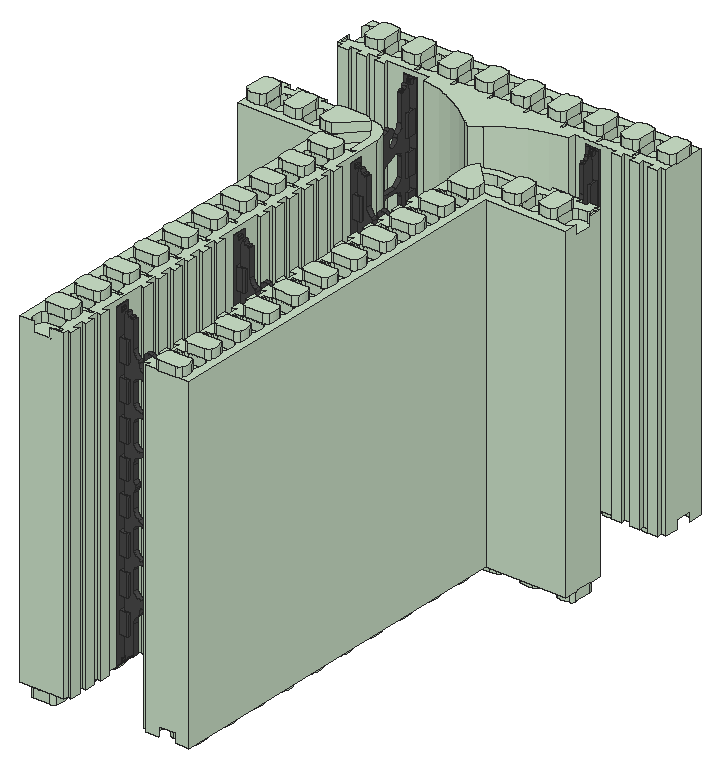
Revit family
Reference planes
  plane 1 "Center (Front/Back)": y = 0
  plane 2: z = 0
  plane 3 "Center (Left/Right)": x = 0
Forms (mm)
  Extrusion 1, solid, material "NUDURA Expanded Polystyrene Foam Insulation"
    sketch origin (0.47, 0.92, 0) x (1, 0, 0) y (0, 1, 0)
      loop
        line (-228.6, 142.875) -> (-228.6, 82.55) -> (-221.458, 82.55) -> (-223.042, 76.2) -> (-208.758, 76.2) -> (-210.342, 82.55) -> (-196.058, 82.55) -> (-197.642, 76.2) -> (-183.358, 76.2) -> (-184.942, 82.55) -> (-170.658, 82.55) -> (-172.242, 76.2) -> (-157.958, 76.2) -> (-159.542, 82.55) -> (-101.6, 82.55) -> (-101.6, 73.025)
        arc (-101.6, 73.025) -> (-53.925, 60.317) -> (-12.933, 32.857) r 150.316
        arc (-12.933, 32.857) -> (-6.81, 27.929) -> (0, 24.005) r 50.8
        arc (0, 24.005) -> (6.81, 27.929) -> (12.933, 32.857) r 50.8
        arc (12.933, 32.857) -> (53.925, 60.317) -> (101.6, 73.025) r 150.316
        line (101.6, 73.025) -> (101.6, 82.55) -> (159.542, 82.55) -> (157.958, 76.2) -> (172.242, 76.2) -> (170.658, 82.55) -> (184.942, 82.55) -> (183.358, 76.2) -> (197.642, 76.2) -> (196.058, 82.55) -> (210.342, 82.55) -> (208.758, 76.2) -> (223.042, 76.2) -> (221.458, 82.55) -> (228.6, 82.55) -> (228.6, 142.875) -> (-228.6, 142.875)
      loop
        line (-57.15, -609.6) -> (-57.15, -602.458) -> (-50.8, -604.042) -> (-50.8, -589.758) -> (-57.15, -591.342) -> (-57.15, -577.058) -> (-50.8, -578.642) -> (-50.8, -564.358) -> (-57.15, -565.942) -> (-57.15, -551.658) -> (-50.8, -553.242) -> (-50.8, -538.958) -> (-57.15, -540.542) -> (-57.15, -475.458) -> (-50.8, -477.042) -> (-50.8, -462.758) -> (-57.15, -464.342) -> (-57.15, -450.058) -> (-50.8, -451.642) -> (-50.8, -437.358) -> (-57.15, -438.942) -> (-57.15, -424.658) -> (-50.8, -426.242) -> (-50.8, -411.958) -> (-57.15, -413.542) -> (-57.15, -399.258) -> (-50.8, -400.842) -> (-50.8, -386.558) -> (-57.15, -388.142) -> (-57.15, -373.858) -> (-50.8, -375.442) -> (-50.8, -361.158) -> (-57.15, -362.742) -> (-57.15, -348.458) -> (-50.8, -350.042) -> (-50.8, -335.758) -> (-57.15, -337.342) -> (-57.15, -272.258) -> (-50.8, -273.842) -> (-50.8, -259.558) -> (-57.15, -261.142) -> (-57.15, -246.858) -> (-50.8, -248.442) -> (-50.8, -234.158) -> (-57.15, -235.742) -> (-57.15, -221.458) -> (-50.8, -223.042) -> (-50.8, -208.758) -> (-57.15, -210.342) -> (-57.15, -196.058) -> (-50.8, -197.642) -> (-50.8, -183.358) -> (-57.15, -184.942) -> (-57.15, -170.658) -> (-50.8, -172.242) -> (-50.8, -157.958) -> (-57.15, -159.542) -> (-57.15, -145.258) -> (-50.8, -146.842) -> (-50.8, -132.558) -> (-57.15, -134.142) -> (-57.15, -63.5)
        arc (-57.15, -63.5) -> (-66.449, -41.049) -> (-88.9, -31.75) r 31.75
        line (-88.9, -31.75) -> (-159.542, -31.75) -> (-157.958, -25.4) -> (-172.242, -25.4) -> (-170.658, -31.75) -> (-184.942, -31.75) -> (-183.358, -25.4) -> (-197.642, -25.4) -> (-196.058, -31.75) -> (-210.342, -31.75) -> (-208.758, -25.4) -> (-223.042, -25.4) -> (-221.458, -31.75) -> (-228.6, -31.75) -> (-228.6, -92.075) -> (-117.475, -92.075) -> (-117.475, -609.6) -> (-57.15, -609.6)
      loop
        line (57.15, -609.6) -> (117.475, -609.6) -> (117.475, -92.075) -> (228.6, -92.075) -> (228.6, -31.75) -> (221.458, -31.75) -> (223.042, -25.4) -> (208.758, -25.4) -> (210.342, -31.75) -> (196.058, -31.75) -> (197.642, -25.4) -> (183.358, -25.4) -> (184.942, -31.75) -> (170.658, -31.75) -> (172.242, -25.4) -> (157.958, -25.4) -> (159.542, -31.75) -> (88.9, -31.75)
        arc (88.9, -31.75) -> (66.449, -41.049) -> (57.15, -63.5) r 31.75
        line (57.15, -63.5) -> (57.15, -134.142) -> (50.8, -132.558) -> (50.8, -146.842) -> (57.15, -145.258) -> (57.15, -159.542) -> (50.8, -157.958) -> (50.8, -172.242) -> (57.15, -170.658) -> (57.15, -184.942) -> (50.8, -183.358) -> (50.8, -197.642) -> (57.15, -196.058) -> (57.15, -210.342) -> (50.8, -208.758) -> (50.8, -223.042) -> (57.15, -221.458) -> (57.15, -235.742) -> (50.8, -234.158) -> (50.8, -248.442) -> (57.15, -246.858) -> (57.15, -261.142) -> (50.8, -259.558) -> (50.8, -273.842) -> (57.15, -272.258) -> (57.15, -337.342) -> (50.8, -335.758) -> (50.8, -350.042) -> (57.15, -348.458) -> (57.15, -362.742) -> (50.8, -361.158) -> (50.8, -375.442) -> (57.15, -373.858) -> (57.15, -388.142) -> (50.8, -386.558) -> (50.8, -400.842) -> (57.15, -399.258) -> (57.15, -413.542) -> (50.8, -411.958) -> (50.8, -426.242) -> (57.15, -424.658) -> (57.15, -438.942) -> (50.8, -437.358) -> (50.8, -451.642) -> (57.15, -450.058) -> (57.15, -464.342) -> (50.8, -462.758) -> (50.8, -477.042) -> (57.15, -475.458) -> (57.15, -540.542) -> (50.8, -538.958) -> (50.8, -553.242) -> (57.15, -551.658) -> (57.15, -565.942) -> (50.8, -564.358) -> (50.8, -578.642) -> (57.15, -577.058) -> (57.15, -591.342) -> (50.8, -589.758) -> (50.8, -604.042) -> (57.15, -602.458) -> (57.15, -609.6)
    from 0 to 457.2
  Extrusion 2, void
    sketch origin (25.87, 102.52, 0) x (1, 0, 0) y (0, 1, 0)
      loop
        arc (-130.453, -639.396) -> (-131.763, -647.7) -> (-130.453, -656.003) r 26.987
        arc (-130.453, -656.003) -> (-128.147, -659.184) -> (-124.411, -660.4) r 6.35
        line (-124.411, -660.4) -> (-101.014, -660.4)
        arc (-101.014, -660.4) -> (-98.696, -659.961) -> (-96.698, -658.708) r 6.35
        arc (-96.698, -658.708) -> (-96.199, -658.394) -> (-95.62, -658.285) r 1.588
        line (-95.62, -658.285) -> (-86.829, -658.285) -> (-86.829, -653.946) -> (-92.457, -653.946)
        arc (-92.457, -653.946) -> (-93.668, -653.385) -> (-94.024, -652.1) r 1.588
        arc (-94.024, -652.1) -> (-93.737, -645.691) -> (-94.972, -639.396) r 26.988
        arc (-94.972, -639.396) -> (-97.278, -636.215) -> (-101.014, -635) r 6.35
        line (-101.014, -635) -> (-124.411, -635)
        arc (-124.411, -635) -> (-128.147, -636.215) -> (-130.453, -639.396) r 6.35
    from 457.2 to 444.5
  Extrusion 3, void
    sketch origin (25.87, 153.32, 0) x (1, 0, 0) y (0, 1, 0)
      loop
        arc (-130.453, -639.396) -> (-131.763, -647.7) -> (-130.453, -656.003) r 26.987
        arc (-130.453, -656.003) -> (-128.147, -659.184) -> (-124.411, -660.4) r 6.35
        line (-124.411, -660.4) -> (-101.014, -660.4)
        arc (-101.014, -660.4) -> (-98.696, -659.961) -> (-96.698, -658.708) r 6.35
        arc (-96.698, -658.708) -> (-96.199, -658.394) -> (-95.62, -658.285) r 1.588
        line (-95.62, -658.285) -> (-86.829, -658.285) -> (-86.829, -653.946) -> (-92.457, -653.946)
        arc (-92.457, -653.946) -> (-93.668, -653.385) -> (-94.024, -652.1) r 1.588
        arc (-94.024, -652.1) -> (-93.737, -645.691) -> (-94.972, -639.396) r 26.988
        arc (-94.972, -639.396) -> (-97.278, -636.215) -> (-101.014, -635) r 6.35
        line (-101.014, -635) -> (-124.411, -635)
        arc (-124.411, -635) -> (-128.147, -636.215) -> (-130.453, -639.396) r 6.35
    from 457.2 to 444.5
  Extrusion 4, void
    sketch origin (25.87, 204.12, 0) x (1, 0, 0) y (0, 1, 0)
      loop
        arc (-130.453, -639.396) -> (-131.763, -647.7) -> (-130.453, -656.003) r 26.987
        arc (-130.453, -656.003) -> (-128.147, -659.184) -> (-124.411, -660.4) r 6.35
        line (-124.411, -660.4) -> (-101.014, -660.4)
        arc (-101.014, -660.4) -> (-98.696, -659.961) -> (-96.698, -658.708) r 6.35
        arc (-96.698, -658.708) -> (-96.199, -658.394) -> (-95.62, -658.285) r 1.588
        line (-95.62, -658.285) -> (-86.829, -658.285) -> (-86.829, -653.946) -> (-92.457, -653.946)
        arc (-92.457, -653.946) -> (-93.668, -653.385) -> (-94.024, -652.1) r 1.588
        arc (-94.024, -652.1) -> (-93.737, -645.691) -> (-94.972, -639.396) r 26.988
        arc (-94.972, -639.396) -> (-97.278, -636.215) -> (-101.014, -635) r 6.35
        line (-101.014, -635) -> (-124.411, -635)
        arc (-124.411, -635) -> (-128.147, -636.215) -> (-130.453, -639.396) r 6.35
    from 457.2 to 444.5
  Extrusion 5, void
    sketch origin (25.87, 254.92, 0) x (1, 0, 0) y (0, 1, 0)
      loop
        arc (-130.453, -639.396) -> (-131.763, -647.7) -> (-130.453, -656.003) r 26.987
        arc (-130.453, -656.003) -> (-128.147, -659.184) -> (-124.411, -660.4) r 6.35
        line (-124.411, -660.4) -> (-101.014, -660.4)
        arc (-101.014, -660.4) -> (-98.696, -659.961) -> (-96.698, -658.708) r 6.35
        arc (-96.698, -658.708) -> (-96.199, -658.394) -> (-95.62, -658.285) r 1.588
        line (-95.62, -658.285) -> (-86.829, -658.285) -> (-86.829, -653.946) -> (-92.457, -653.946)
        arc (-92.457, -653.946) -> (-93.668, -653.385) -> (-94.024, -652.1) r 1.588
        arc (-94.024, -652.1) -> (-93.737, -645.691) -> (-94.972, -639.396) r 26.988
        arc (-94.972, -639.396) -> (-97.278, -636.215) -> (-101.014, -635) r 6.35
        line (-101.014, -635) -> (-124.411, -635)
        arc (-124.411, -635) -> (-128.147, -636.215) -> (-130.453, -639.396) r 6.35
    from 457.2 to 444.5
  Extrusion 6, void
    sketch origin (25.87, 305.72, 0) x (1, 0, 0) y (0, 1, 0)
      loop
        arc (-130.453, -639.396) -> (-131.763, -647.7) -> (-130.453, -656.003) r 26.987
        arc (-130.453, -656.003) -> (-128.147, -659.184) -> (-124.411, -660.4) r 6.35
        line (-124.411, -660.4) -> (-101.014, -660.4)
        arc (-101.014, -660.4) -> (-98.696, -659.961) -> (-96.698, -658.708) r 6.35
        arc (-96.698, -658.708) -> (-96.199, -658.394) -> (-95.62, -658.285) r 1.588
        line (-95.62, -658.285) -> (-86.829, -658.285) -> (-86.829, -653.946) -> (-92.457, -653.946)
        arc (-92.457, -653.946) -> (-93.668, -653.385) -> (-94.024, -652.1) r 1.588
        arc (-94.024, -652.1) -> (-93.737, -645.691) -> (-94.972, -639.396) r 26.988
        arc (-94.972, -639.396) -> (-97.278, -636.215) -> (-101.014, -635) r 6.35
        line (-101.014, -635) -> (-124.411, -635)
        arc (-124.411, -635) -> (-128.147, -636.215) -> (-130.453, -639.396) r 6.35
    from 457.2 to 444.5
  Extrusion 7, void
    sketch origin (25.87, 356.52, 0) x (1, 0, 0) y (0, 1, 0)
      loop
        arc (-130.453, -639.396) -> (-131.763, -647.7) -> (-130.453, -656.003) r 26.987
        arc (-130.453, -656.003) -> (-128.147, -659.184) -> (-124.411, -660.4) r 6.35
        line (-124.411, -660.4) -> (-101.014, -660.4)
        arc (-101.014, -660.4) -> (-98.696, -659.961) -> (-96.698, -658.708) r 6.35
        arc (-96.698, -658.708) -> (-96.199, -658.394) -> (-95.62, -658.285) r 1.588
        line (-95.62, -658.285) -> (-86.829, -658.285) -> (-86.829, -653.946) -> (-92.457, -653.946)
        arc (-92.457, -653.946) -> (-93.668, -653.385) -> (-94.024, -652.1) r 1.588
        arc (-94.024, -652.1) -> (-93.737, -645.691) -> (-94.972, -639.396) r 26.988
        arc (-94.972, -639.396) -> (-97.278, -636.215) -> (-101.014, -635) r 6.35
        line (-101.014, -635) -> (-124.411, -635)
        arc (-124.411, -635) -> (-128.147, -636.215) -> (-130.453, -639.396) r 6.35
    from 457.2 to 444.5
  Extrusion 8, void
    sketch origin (25.87, 407.32, 0) x (1, 0, 0) y (0, 1, 0)
      loop
        arc (-130.453, -639.396) -> (-131.763, -647.7) -> (-130.453, -656.003) r 26.987
        arc (-130.453, -656.003) -> (-128.147, -659.184) -> (-124.411, -660.4) r 6.35
        line (-124.411, -660.4) -> (-101.014, -660.4)
        arc (-101.014, -660.4) -> (-98.696, -659.961) -> (-96.698, -658.708) r 6.35
        arc (-96.698, -658.708) -> (-96.199, -658.394) -> (-95.62, -658.285) r 1.588
        line (-95.62, -658.285) -> (-86.829, -658.285) -> (-86.829, -653.946) -> (-92.457, -653.946)
        arc (-92.457, -653.946) -> (-93.668, -653.385) -> (-94.024, -652.1) r 1.588
        arc (-94.024, -652.1) -> (-93.737, -645.691) -> (-94.972, -639.396) r 26.988
        arc (-94.972, -639.396) -> (-97.278, -636.215) -> (-101.014, -635) r 6.35
        line (-101.014, -635) -> (-124.411, -635)
        arc (-124.411, -635) -> (-128.147, -636.215) -> (-130.453, -639.396) r 6.35
    from 457.2 to 444.5
  Extrusion 9, void
    sketch origin (25.87, 458.12, 0) x (1, 0, 0) y (0, 1, 0)
      loop
        arc (-130.453, -639.396) -> (-131.763, -647.7) -> (-130.453, -656.003) r 26.987
        arc (-130.453, -656.003) -> (-128.147, -659.184) -> (-124.411, -660.4) r 6.35
        line (-124.411, -660.4) -> (-101.014, -660.4)
        arc (-101.014, -660.4) -> (-98.696, -659.961) -> (-96.698, -658.708) r 6.35
        arc (-96.698, -658.708) -> (-96.199, -658.394) -> (-95.62, -658.285) r 1.588
        line (-95.62, -658.285) -> (-86.829, -658.285) -> (-86.829, -653.946) -> (-92.457, -653.946)
        arc (-92.457, -653.946) -> (-93.668, -653.385) -> (-94.024, -652.1) r 1.588
        arc (-94.024, -652.1) -> (-93.737, -645.691) -> (-94.972, -639.396) r 26.988
        arc (-94.972, -639.396) -> (-97.278, -636.215) -> (-101.014, -635) r 6.35
        line (-101.014, -635) -> (-124.411, -635)
        arc (-124.411, -635) -> (-128.147, -636.215) -> (-130.453, -639.396) r 6.35
    from 457.2 to 444.5
  Extrusion 10, void
    sketch origin (25.87, 508.92, 0) x (1, 0, 0) y (0, 1, 0)
      loop
        arc (-130.453, -639.396) -> (-131.763, -647.7) -> (-130.453, -656.003) r 26.987
        arc (-130.453, -656.003) -> (-128.147, -659.184) -> (-124.411, -660.4) r 6.35
        line (-124.411, -660.4) -> (-101.014, -660.4)
        arc (-101.014, -660.4) -> (-98.696, -659.961) -> (-96.698, -658.708) r 6.35
        arc (-96.698, -658.708) -> (-96.199, -658.394) -> (-95.62, -658.285) r 1.588
        line (-95.62, -658.285) -> (-86.829, -658.285) -> (-86.829, -653.946) -> (-92.457, -653.946)
        arc (-92.457, -653.946) -> (-93.668, -653.385) -> (-94.024, -652.1) r 1.588
        arc (-94.024, -652.1) -> (-93.737, -645.691) -> (-94.972, -639.396) r 26.988
        arc (-94.972, -639.396) -> (-97.278, -636.215) -> (-101.014, -635) r 6.35
        line (-101.014, -635) -> (-124.411, -635)
        arc (-124.411, -635) -> (-128.147, -636.215) -> (-130.453, -639.396) r 6.35
    from 457.2 to 444.5
  Extrusion 11, void
    sketch origin (25.87, 51.72, 0) x (1, 0, 0) y (0, 1, 0)
      loop
        line (-131.763, -131.762) -> (-131.763, -139.7)
        arc (-131.763, -139.7) -> (-131.433, -143.903) -> (-130.453, -148.003) r 26.987
        arc (-130.453, -148.003) -> (-128.147, -151.184) -> (-124.411, -152.4) r 6.35
        line (-124.411, -152.4) -> (-101.014, -152.4)
        arc (-101.014, -152.4) -> (-98.696, -151.961) -> (-96.698, -150.708) r 6.35
        arc (-96.698, -150.708) -> (-96.199, -150.394) -> (-95.62, -150.285) r 1.588
        line (-95.62, -150.285) -> (-86.829, -150.285) -> (-86.829, -145.946) -> (-92.457, -145.946)
        arc (-92.457, -145.946) -> (-93.668, -145.385) -> (-94.024, -144.1) r 1.588
        arc (-94.024, -144.1) -> (-93.753, -141.907) -> (-93.663, -139.7) r 26.987
        line (-93.663, -139.7) -> (-93.663, -119.062)
        arc (-93.663, -119.062) -> (-95.596, -109.342) -> (-101.102, -101.102) r 25.4
        line (-101.102, -101.102) -> (-131.763, -131.762)
    from 457.2 to 444.5
  Extrusion 12, void
    sketch origin (-786.929, 51.721, 0) x (0, 1, 0) y (-1, 0, 0)
      loop
        arc (-130.453, -639.396) -> (-131.763, -647.7) -> (-130.453, -656.003) r 26.987
        arc (-130.453, -656.003) -> (-128.147, -659.184) -> (-124.411, -660.4) r 6.35
        line (-124.411, -660.4) -> (-101.014, -660.4)
        arc (-101.014, -660.4) -> (-98.696, -659.961) -> (-96.698, -658.708) r 6.35
        arc (-96.698, -658.708) -> (-96.199, -658.394) -> (-95.62, -658.285) r 1.588
        line (-95.62, -658.285) -> (-86.829, -658.285) -> (-86.829, -653.946) -> (-92.457, -653.946)
        arc (-92.457, -653.946) -> (-93.668, -653.385) -> (-94.024, -652.1) r 1.588
        arc (-94.024, -652.1) -> (-93.737, -645.691) -> (-94.972, -639.396) r 26.988
        arc (-94.972, -639.396) -> (-97.278, -636.215) -> (-101.014, -635) r 6.35
        line (-101.014, -635) -> (-124.411, -635)
        arc (-124.411, -635) -> (-128.147, -636.215) -> (-130.453, -639.396) r 6.35
    from 457.2 to 444.5
  Extrusion 13, void
    sketch origin (-837.729, 51.721, 0) x (0, 1, 0) y (-1, 0, 0)
      loop
        arc (-130.453, -639.396) -> (-131.763, -647.7) -> (-130.453, -656.003) r 26.987
        arc (-130.453, -656.003) -> (-128.147, -659.184) -> (-124.411, -660.4) r 6.35
        line (-124.411, -660.4) -> (-101.014, -660.4)
        arc (-101.014, -660.4) -> (-98.696, -659.961) -> (-96.698, -658.708) r 6.35
        arc (-96.698, -658.708) -> (-96.199, -658.394) -> (-95.62, -658.285) r 1.588
        line (-95.62, -658.285) -> (-86.829, -658.285) -> (-86.829, -653.946) -> (-92.457, -653.946)
        arc (-92.457, -653.946) -> (-93.668, -653.385) -> (-94.024, -652.1) r 1.588
        arc (-94.024, -652.1) -> (-93.737, -645.691) -> (-94.972, -639.396) r 26.988
        arc (-94.972, -639.396) -> (-97.278, -636.215) -> (-101.014, -635) r 6.35
        line (-101.014, -635) -> (-124.411, -635)
        arc (-124.411, -635) -> (-128.147, -636.215) -> (-130.453, -639.396) r 6.35
    from 457.2 to 444.5
  Extrusion 14, void
    sketch origin (25.87, -1218.279, 0) x (1, 0, 0) y (0, 1, 0)
      loop
        arc (-130.453, 639.396) -> (-128.147, 636.215) -> (-124.411, 635) r 6.35
        line (-124.411, 635) -> (-101.014, 635)
        arc (-101.014, 635) -> (-97.278, 636.215) -> (-94.972, 639.396) r 6.35
        arc (-94.972, 639.396) -> (-93.737, 645.691) -> (-94.024, 652.1) r 26.988
        arc (-94.024, 652.1) -> (-93.668, 653.385) -> (-92.457, 653.946) r 1.588
        line (-92.457, 653.946) -> (-86.829, 653.946) -> (-86.829, 658.285) -> (-95.62, 658.285)
        arc (-95.62, 658.285) -> (-96.199, 658.394) -> (-96.698, 658.708) r 1.588
        arc (-96.698, 658.708) -> (-98.696, 659.961) -> (-101.014, 660.4) r 6.35
        line (-101.014, 660.4) -> (-124.411, 660.4)
        arc (-124.411, 660.4) -> (-128.147, 659.184) -> (-130.453, 656.003) r 6.35
        arc (-130.453, 656.003) -> (-131.763, 647.7) -> (-130.453, 639.396) r 26.987
    from 0 to 12.7
  Extrusion 15, void
    sketch origin (25.87, -1167.479, 0) x (1, 0, 0) y (0, 1, 0)
      loop
        arc (-130.453, 639.396) -> (-128.147, 636.215) -> (-124.411, 635) r 6.35
        line (-124.411, 635) -> (-101.014, 635)
        arc (-101.014, 635) -> (-97.278, 636.215) -> (-94.972, 639.396) r 6.35
        arc (-94.972, 639.396) -> (-93.737, 645.691) -> (-94.024, 652.1) r 26.988
        arc (-94.024, 652.1) -> (-93.668, 653.385) -> (-92.457, 653.946) r 1.588
        line (-92.457, 653.946) -> (-86.829, 653.946) -> (-86.829, 658.285) -> (-95.62, 658.285)
        arc (-95.62, 658.285) -> (-96.199, 658.394) -> (-96.698, 658.708) r 1.588
        arc (-96.698, 658.708) -> (-98.696, 659.961) -> (-101.014, 660.4) r 6.35
        line (-101.014, 660.4) -> (-124.411, 660.4)
        arc (-124.411, 660.4) -> (-128.147, 659.184) -> (-130.453, 656.003) r 6.35
        arc (-130.453, 656.003) -> (-131.763, 647.7) -> (-130.453, 639.396) r 26.987
    from 0 to 12.7
  Extrusion 16, void
    sketch origin (25.87, -1116.679, 0) x (1, 0, 0) y (0, 1, 0)
      loop
        arc (-130.453, 639.396) -> (-128.147, 636.215) -> (-124.411, 635) r 6.35
        line (-124.411, 635) -> (-101.014, 635)
        arc (-101.014, 635) -> (-97.278, 636.215) -> (-94.972, 639.396) r 6.35
        arc (-94.972, 639.396) -> (-93.737, 645.691) -> (-94.024, 652.1) r 26.988
        arc (-94.024, 652.1) -> (-93.668, 653.385) -> (-92.457, 653.946) r 1.588
        line (-92.457, 653.946) -> (-86.829, 653.946) -> (-86.829, 658.285) -> (-95.62, 658.285)
        arc (-95.62, 658.285) -> (-96.199, 658.394) -> (-96.698, 658.708) r 1.588
        arc (-96.698, 658.708) -> (-98.696, 659.961) -> (-101.014, 660.4) r 6.35
        line (-101.014, 660.4) -> (-124.411, 660.4)
        arc (-124.411, 660.4) -> (-128.147, 659.184) -> (-130.453, 656.003) r 6.35
        arc (-130.453, 656.003) -> (-131.763, 647.7) -> (-130.453, 639.396) r 26.987
    from 0 to 12.7
  Extrusion 17, void
    sketch origin (25.87, -1065.879, 0) x (1, 0, 0) y (0, 1, 0)
      loop
        arc (-130.453, 639.396) -> (-128.147, 636.215) -> (-124.411, 635) r 6.35
        line (-124.411, 635) -> (-101.014, 635)
        arc (-101.014, 635) -> (-97.278, 636.215) -> (-94.972, 639.396) r 6.35
        arc (-94.972, 639.396) -> (-93.737, 645.691) -> (-94.024, 652.1) r 26.988
        arc (-94.024, 652.1) -> (-93.668, 653.385) -> (-92.457, 653.946) r 1.588
        line (-92.457, 653.946) -> (-86.829, 653.946) -> (-86.829, 658.285) -> (-95.62, 658.285)
        arc (-95.62, 658.285) -> (-96.199, 658.394) -> (-96.698, 658.708) r 1.588
        arc (-96.698, 658.708) -> (-98.696, 659.961) -> (-101.014, 660.4) r 6.35
        line (-101.014, 660.4) -> (-124.411, 660.4)
        arc (-124.411, 660.4) -> (-128.147, 659.184) -> (-130.453, 656.003) r 6.35
        arc (-130.453, 656.003) -> (-131.763, 647.7) -> (-130.453, 639.396) r 26.987
    from 0 to 12.7
  Extrusion 18, void
    sketch origin (25.87, -1015.079, 0) x (1, 0, 0) y (0, 1, 0)
      loop
        arc (-130.453, 639.396) -> (-128.147, 636.215) -> (-124.411, 635) r 6.35
        line (-124.411, 635) -> (-101.014, 635)
        arc (-101.014, 635) -> (-97.278, 636.215) -> (-94.972, 639.396) r 6.35
        arc (-94.972, 639.396) -> (-93.737, 645.691) -> (-94.024, 652.1) r 26.988
        arc (-94.024, 652.1) -> (-93.668, 653.385) -> (-92.457, 653.946) r 1.588
        line (-92.457, 653.946) -> (-86.829, 653.946) -> (-86.829, 658.285) -> (-95.62, 658.285)
        arc (-95.62, 658.285) -> (-96.199, 658.394) -> (-96.698, 658.708) r 1.588
        arc (-96.698, 658.708) -> (-98.696, 659.961) -> (-101.014, 660.4) r 6.35
        line (-101.014, 660.4) -> (-124.411, 660.4)
        arc (-124.411, 660.4) -> (-128.147, 659.184) -> (-130.453, 656.003) r 6.35
        arc (-130.453, 656.003) -> (-131.763, 647.7) -> (-130.453, 639.396) r 26.987
    from 0 to 12.7
  Extrusion 19, void
    sketch origin (25.87, -964.279, 0) x (1, 0, 0) y (0, 1, 0)
      loop
        arc (-130.453, 639.396) -> (-128.147, 636.215) -> (-124.411, 635) r 6.35
        line (-124.411, 635) -> (-101.014, 635)
        arc (-101.014, 635) -> (-97.278, 636.215) -> (-94.972, 639.396) r 6.35
        arc (-94.972, 639.396) -> (-93.737, 645.691) -> (-94.024, 652.1) r 26.988
        arc (-94.024, 652.1) -> (-93.668, 653.385) -> (-92.457, 653.946) r 1.588
        line (-92.457, 653.946) -> (-86.829, 653.946) -> (-86.829, 658.285) -> (-95.62, 658.285)
        arc (-95.62, 658.285) -> (-96.199, 658.394) -> (-96.698, 658.708) r 1.588
        arc (-96.698, 658.708) -> (-98.696, 659.961) -> (-101.014, 660.4) r 6.35
        line (-101.014, 660.4) -> (-124.411, 660.4)
        arc (-124.411, 660.4) -> (-128.147, 659.184) -> (-130.453, 656.003) r 6.35
        arc (-130.453, 656.003) -> (-131.763, 647.7) -> (-130.453, 639.396) r 26.987
    from 0 to 12.7
  Extrusion 20, void
    sketch origin (25.87, -913.479, 0) x (1, 0, 0) y (0, 1, 0)
      loop
        arc (-130.453, 639.396) -> (-128.147, 636.215) -> (-124.411, 635) r 6.35
        line (-124.411, 635) -> (-101.014, 635)
        arc (-101.014, 635) -> (-97.278, 636.215) -> (-94.972, 639.396) r 6.35
        arc (-94.972, 639.396) -> (-93.737, 645.691) -> (-94.024, 652.1) r 26.988
        arc (-94.024, 652.1) -> (-93.668, 653.385) -> (-92.457, 653.946) r 1.588
        line (-92.457, 653.946) -> (-86.829, 653.946) -> (-86.829, 658.285) -> (-95.62, 658.285)
        arc (-95.62, 658.285) -> (-96.199, 658.394) -> (-96.698, 658.708) r 1.588
        arc (-96.698, 658.708) -> (-98.696, 659.961) -> (-101.014, 660.4) r 6.35
        line (-101.014, 660.4) -> (-124.411, 660.4)
        arc (-124.411, 660.4) -> (-128.147, 659.184) -> (-130.453, 656.003) r 6.35
        arc (-130.453, 656.003) -> (-131.763, 647.7) -> (-130.453, 639.396) r 26.987
    from 0 to 12.7
  Extrusion 21, void
    sketch origin (25.87, -862.679, 0) x (1, 0, 0) y (0, 1, 0)
      loop
        arc (-130.453, 639.396) -> (-128.147, 636.215) -> (-124.411, 635) r 6.35
        line (-124.411, 635) -> (-101.014, 635)
        arc (-101.014, 635) -> (-97.278, 636.215) -> (-94.972, 639.396) r 6.35
        arc (-94.972, 639.396) -> (-93.737, 645.691) -> (-94.024, 652.1) r 26.988
        arc (-94.024, 652.1) -> (-93.668, 653.385) -> (-92.457, 653.946) r 1.588
        line (-92.457, 653.946) -> (-86.829, 653.946) -> (-86.829, 658.285) -> (-95.62, 658.285)
        arc (-95.62, 658.285) -> (-96.199, 658.394) -> (-96.698, 658.708) r 1.588
        arc (-96.698, 658.708) -> (-98.696, 659.961) -> (-101.014, 660.4) r 6.35
        line (-101.014, 660.4) -> (-124.411, 660.4)
        arc (-124.411, 660.4) -> (-128.147, 659.184) -> (-130.453, 656.003) r 6.35
        arc (-130.453, 656.003) -> (-131.763, 647.7) -> (-130.453, 639.396) r 26.987
    from 0 to 12.7
  Extrusion 22, void
    sketch origin (25.87, -811.879, 0) x (1, 0, 0) y (0, 1, 0)
      loop
        arc (-130.453, 639.396) -> (-128.147, 636.215) -> (-124.411, 635) r 6.35
        line (-124.411, 635) -> (-101.014, 635)
        arc (-101.014, 635) -> (-97.278, 636.215) -> (-94.972, 639.396) r 6.35
        arc (-94.972, 639.396) -> (-93.737, 645.691) -> (-94.024, 652.1) r 26.988
        arc (-94.024, 652.1) -> (-93.668, 653.385) -> (-92.457, 653.946) r 1.588
        line (-92.457, 653.946) -> (-86.829, 653.946) -> (-86.829, 658.285) -> (-95.62, 658.285)
        arc (-95.62, 658.285) -> (-96.199, 658.394) -> (-96.698, 658.708) r 1.588
        arc (-96.698, 658.708) -> (-98.696, 659.961) -> (-101.014, 660.4) r 6.35
        line (-101.014, 660.4) -> (-124.411, 660.4)
        arc (-124.411, 660.4) -> (-128.147, 659.184) -> (-130.453, 656.003) r 6.35
        arc (-130.453, 656.003) -> (-131.763, 647.7) -> (-130.453, 639.396) r 26.987
    from 0 to 12.7
  Extrusion 23, void
    sketch origin (25.87, -761.079, 0) x (1, 0, 0) y (0, 1, 0)
      loop
        arc (-130.453, 639.396) -> (-128.147, 636.215) -> (-124.411, 635) r 6.35
        line (-124.411, 635) -> (-101.014, 635)
        arc (-101.014, 635) -> (-97.278, 636.215) -> (-94.972, 639.396) r 6.35
        arc (-94.972, 639.396) -> (-93.737, 645.691) -> (-94.024, 652.1) r 26.988
        arc (-94.024, 652.1) -> (-93.668, 653.385) -> (-92.457, 653.946) r 1.588
        line (-92.457, 653.946) -> (-86.829, 653.946) -> (-86.829, 658.285) -> (-95.62, 658.285)
        arc (-95.62, 658.285) -> (-96.199, 658.394) -> (-96.698, 658.708) r 1.588
        arc (-96.698, 658.708) -> (-98.696, 659.961) -> (-101.014, 660.4) r 6.35
        line (-101.014, 660.4) -> (-124.411, 660.4)
        arc (-124.411, 660.4) -> (-128.147, 659.184) -> (-130.453, 656.003) r 6.35
        arc (-130.453, 656.003) -> (-131.763, 647.7) -> (-130.453, 639.396) r 26.987
    from 0 to 12.7
  Extrusion 24, void
    sketch origin (25.87, 51.721, 0) x (0, 1, 0) y (-1, 0, 0)
      loop
        line (-131.763, 131.762) -> (-101.102, 101.102)
        arc (-101.102, 101.102) -> (-95.596, 109.342) -> (-93.663, 119.062) r 25.4
        line (-93.663, 119.062) -> (-93.663, 139.7)
        arc (-93.663, 139.7) -> (-93.753, 141.907) -> (-94.024, 144.1) r 26.987
        arc (-94.024, 144.1) -> (-93.668, 145.385) -> (-92.457, 145.946) r 1.588
        line (-92.457, 145.946) -> (-86.829, 145.946) -> (-86.829, 150.285) -> (-95.62, 150.285)
        arc (-95.62, 150.285) -> (-96.199, 150.394) -> (-96.698, 150.708) r 1.588
        arc (-96.698, 150.708) -> (-98.696, 151.961) -> (-101.014, 152.4) r 6.35
        line (-101.014, 152.4) -> (-124.411, 152.4)
        arc (-124.411, 152.4) -> (-128.147, 151.184) -> (-130.453, 148.003) r 6.35
        arc (-130.453, 148.003) -> (-131.433, 143.903) -> (-131.763, 139.7) r 26.987
        line (-131.763, 139.7) -> (-131.763, 131.762)
    from 0 to 12.7
  Extrusion 25, void
    sketch origin (483.07, 51.721, 0) x (0, 1, 0) y (-1, 0, 0)
      loop
        arc (-130.453, 639.396) -> (-128.147, 636.215) -> (-124.411, 635) r 6.35
        line (-124.411, 635) -> (-101.014, 635)
        arc (-101.014, 635) -> (-97.278, 636.215) -> (-94.972, 639.396) r 6.35
        arc (-94.972, 639.396) -> (-93.737, 645.691) -> (-94.024, 652.1) r 26.988
        arc (-94.024, 652.1) -> (-93.668, 653.385) -> (-92.457, 653.946) r 1.588
        line (-92.457, 653.946) -> (-86.829, 653.946) -> (-86.829, 658.285) -> (-95.62, 658.285)
        arc (-95.62, 658.285) -> (-96.199, 658.394) -> (-96.698, 658.708) r 1.588
        arc (-96.698, 658.708) -> (-98.696, 659.961) -> (-101.014, 660.4) r 6.35
        line (-101.014, 660.4) -> (-124.411, 660.4)
        arc (-124.411, 660.4) -> (-128.147, 659.184) -> (-130.453, 656.003) r 6.35
        arc (-130.453, 656.003) -> (-131.763, 647.7) -> (-130.453, 639.396) r 26.987
    from 0 to 12.7
  Extrusion 26, void
    sketch origin (432.27, 51.721, 0) x (0, 1, 0) y (-1, 0, 0)
      loop
        arc (-130.453, 639.396) -> (-128.147, 636.215) -> (-124.411, 635) r 6.35
        line (-124.411, 635) -> (-101.014, 635)
        arc (-101.014, 635) -> (-97.278, 636.215) -> (-94.972, 639.396) r 6.35
        arc (-94.972, 639.396) -> (-93.737, 645.691) -> (-94.024, 652.1) r 26.988
        arc (-94.024, 652.1) -> (-93.668, 653.385) -> (-92.457, 653.946) r 1.588
        line (-92.457, 653.946) -> (-86.829, 653.946) -> (-86.829, 658.285) -> (-95.62, 658.285)
        arc (-95.62, 658.285) -> (-96.199, 658.394) -> (-96.698, 658.708) r 1.588
        arc (-96.698, 658.708) -> (-98.696, 659.961) -> (-101.014, 660.4) r 6.35
        line (-101.014, 660.4) -> (-124.411, 660.4)
        arc (-124.411, 660.4) -> (-128.147, 659.184) -> (-130.453, 656.003) r 6.35
        arc (-130.453, 656.003) -> (-131.763, 647.7) -> (-130.453, 639.396) r 26.987
    from 0 to 12.7
  Extrusion 27, void
    sketch origin (-24.93, -1218.279, 0) x (-1, 0, 0) y (0, -1, 0)
      loop
        arc (-130.453, -639.396) -> (-131.763, -647.7) -> (-130.453, -656.003) r 26.987
        arc (-130.453, -656.003) -> (-128.147, -659.184) -> (-124.411, -660.4) r 6.35
        line (-124.411, -660.4) -> (-101.014, -660.4)
        arc (-101.014, -660.4) -> (-98.696, -659.961) -> (-96.698, -658.708) r 6.35
        arc (-96.698, -658.708) -> (-96.199, -658.394) -> (-95.62, -658.285) r 1.588
        line (-95.62, -658.285) -> (-86.829, -658.285) -> (-86.829, -653.946) -> (-92.457, -653.946)
        arc (-92.457, -653.946) -> (-93.668, -653.385) -> (-94.024, -652.1) r 1.588
        arc (-94.024, -652.1) -> (-93.737, -645.691) -> (-94.972, -639.396) r 26.988
        arc (-94.972, -639.396) -> (-97.278, -636.215) -> (-101.014, -635) r 6.35
        line (-101.014, -635) -> (-124.411, -635)
        arc (-124.411, -635) -> (-128.147, -636.215) -> (-130.453, -639.396) r 6.35
    from 457.2 to 444.5
  Extrusion 28, void
    sketch origin (-24.93, -1167.479, 0) x (-1, 0, 0) y (0, -1, 0)
      loop
        arc (-130.453, -639.396) -> (-131.763, -647.7) -> (-130.453, -656.003) r 26.987
        arc (-130.453, -656.003) -> (-128.147, -659.184) -> (-124.411, -660.4) r 6.35
        line (-124.411, -660.4) -> (-101.014, -660.4)
        arc (-101.014, -660.4) -> (-98.696, -659.961) -> (-96.698, -658.708) r 6.35
        arc (-96.698, -658.708) -> (-96.199, -658.394) -> (-95.62, -658.285) r 1.588
        line (-95.62, -658.285) -> (-86.829, -658.285) -> (-86.829, -653.946) -> (-92.457, -653.946)
        arc (-92.457, -653.946) -> (-93.668, -653.385) -> (-94.024, -652.1) r 1.588
        arc (-94.024, -652.1) -> (-93.737, -645.691) -> (-94.972, -639.396) r 26.988
        arc (-94.972, -639.396) -> (-97.278, -636.215) -> (-101.014, -635) r 6.35
        line (-101.014, -635) -> (-124.411, -635)
        arc (-124.411, -635) -> (-128.147, -636.215) -> (-130.453, -639.396) r 6.35
    from 457.2 to 444.5
  Extrusion 29, void
    sketch origin (-24.93, -1116.679, 0) x (-1, 0, 0) y (0, -1, 0)
      loop
        arc (-130.453, -639.396) -> (-131.763, -647.7) -> (-130.453, -656.003) r 26.987
        arc (-130.453, -656.003) -> (-128.147, -659.184) -> (-124.411, -660.4) r 6.35
        line (-124.411, -660.4) -> (-101.014, -660.4)
        arc (-101.014, -660.4) -> (-98.696, -659.961) -> (-96.698, -658.708) r 6.35
        arc (-96.698, -658.708) -> (-96.199, -658.394) -> (-95.62, -658.285) r 1.588
        line (-95.62, -658.285) -> (-86.829, -658.285) -> (-86.829, -653.946) -> (-92.457, -653.946)
        arc (-92.457, -653.946) -> (-93.668, -653.385) -> (-94.024, -652.1) r 1.588
        arc (-94.024, -652.1) -> (-93.737, -645.691) -> (-94.972, -639.396) r 26.988
        arc (-94.972, -639.396) -> (-97.278, -636.215) -> (-101.014, -635) r 6.35
        line (-101.014, -635) -> (-124.411, -635)
        arc (-124.411, -635) -> (-128.147, -636.215) -> (-130.453, -639.396) r 6.35
    from 457.2 to 444.5
  Extrusion 30, void
    sketch origin (-24.93, -1065.879, 0) x (-1, 0, 0) y (0, -1, 0)
      loop
        arc (-130.453, -639.396) -> (-131.763, -647.7) -> (-130.453, -656.003) r 26.987
        arc (-130.453, -656.003) -> (-128.147, -659.184) -> (-124.411, -660.4) r 6.35
        line (-124.411, -660.4) -> (-101.014, -660.4)
        arc (-101.014, -660.4) -> (-98.696, -659.961) -> (-96.698, -658.708) r 6.35
        arc (-96.698, -658.708) -> (-96.199, -658.394) -> (-95.62, -658.285) r 1.588
        line (-95.62, -658.285) -> (-86.829, -658.285) -> (-86.829, -653.946) -> (-92.457, -653.946)
        arc (-92.457, -653.946) -> (-93.668, -653.385) -> (-94.024, -652.1) r 1.588
        arc (-94.024, -652.1) -> (-93.737, -645.691) -> (-94.972, -639.396) r 26.988
        arc (-94.972, -639.396) -> (-97.278, -636.215) -> (-101.014, -635) r 6.35
        line (-101.014, -635) -> (-124.411, -635)
        arc (-124.411, -635) -> (-128.147, -636.215) -> (-130.453, -639.396) r 6.35
    from 457.2 to 444.5
  Extrusion 31, void
    sketch origin (-24.93, -1015.079, 0) x (-1, 0, 0) y (0, -1, 0)
      loop
        arc (-130.453, -639.396) -> (-131.763, -647.7) -> (-130.453, -656.003) r 26.987
        arc (-130.453, -656.003) -> (-128.147, -659.184) -> (-124.411, -660.4) r 6.35
        line (-124.411, -660.4) -> (-101.014, -660.4)
        arc (-101.014, -660.4) -> (-98.696, -659.961) -> (-96.698, -658.708) r 6.35
        arc (-96.698, -658.708) -> (-96.199, -658.394) -> (-95.62, -658.285) r 1.588
        line (-95.62, -658.285) -> (-86.829, -658.285) -> (-86.829, -653.946) -> (-92.457, -653.946)
        arc (-92.457, -653.946) -> (-93.668, -653.385) -> (-94.024, -652.1) r 1.588
        arc (-94.024, -652.1) -> (-93.737, -645.691) -> (-94.972, -639.396) r 26.988
        arc (-94.972, -639.396) -> (-97.278, -636.215) -> (-101.014, -635) r 6.35
        line (-101.014, -635) -> (-124.411, -635)
        arc (-124.411, -635) -> (-128.147, -636.215) -> (-130.453, -639.396) r 6.35
    from 457.2 to 444.5
  Extrusion 32, void
    sketch origin (-24.93, -964.279, 0) x (-1, 0, 0) y (0, -1, 0)
      loop
        arc (-130.453, -639.396) -> (-131.763, -647.7) -> (-130.453, -656.003) r 26.987
        arc (-130.453, -656.003) -> (-128.147, -659.184) -> (-124.411, -660.4) r 6.35
        line (-124.411, -660.4) -> (-101.014, -660.4)
        arc (-101.014, -660.4) -> (-98.696, -659.961) -> (-96.698, -658.708) r 6.35
        arc (-96.698, -658.708) -> (-96.199, -658.394) -> (-95.62, -658.285) r 1.588
        line (-95.62, -658.285) -> (-86.829, -658.285) -> (-86.829, -653.946) -> (-92.457, -653.946)
        arc (-92.457, -653.946) -> (-93.668, -653.385) -> (-94.024, -652.1) r 1.588
        arc (-94.024, -652.1) -> (-93.737, -645.691) -> (-94.972, -639.396) r 26.988
        arc (-94.972, -639.396) -> (-97.278, -636.215) -> (-101.014, -635) r 6.35
        line (-101.014, -635) -> (-124.411, -635)
        arc (-124.411, -635) -> (-128.147, -636.215) -> (-130.453, -639.396) r 6.35
    from 457.2 to 444.5
  Extrusion 33, void
    sketch origin (-24.93, -913.479, 0) x (-1, 0, 0) y (0, -1, 0)
      loop
        arc (-130.453, -639.396) -> (-131.763, -647.7) -> (-130.453, -656.003) r 26.987
        arc (-130.453, -656.003) -> (-128.147, -659.184) -> (-124.411, -660.4) r 6.35
        line (-124.411, -660.4) -> (-101.014, -660.4)
        arc (-101.014, -660.4) -> (-98.696, -659.961) -> (-96.698, -658.708) r 6.35
        arc (-96.698, -658.708) -> (-96.199, -658.394) -> (-95.62, -658.285) r 1.588
        line (-95.62, -658.285) -> (-86.829, -658.285) -> (-86.829, -653.946) -> (-92.457, -653.946)
        arc (-92.457, -653.946) -> (-93.668, -653.385) -> (-94.024, -652.1) r 1.588
        arc (-94.024, -652.1) -> (-93.737, -645.691) -> (-94.972, -639.396) r 26.988
        arc (-94.972, -639.396) -> (-97.278, -636.215) -> (-101.014, -635) r 6.35
        line (-101.014, -635) -> (-124.411, -635)
        arc (-124.411, -635) -> (-128.147, -636.215) -> (-130.453, -639.396) r 6.35
    from 457.2 to 444.5
  Extrusion 34, void
    sketch origin (-24.93, -862.679, 0) x (-1, 0, 0) y (0, -1, 0)
      loop
        arc (-130.453, -639.396) -> (-131.763, -647.7) -> (-130.453, -656.003) r 26.987
        arc (-130.453, -656.003) -> (-128.147, -659.184) -> (-124.411, -660.4) r 6.35
        line (-124.411, -660.4) -> (-101.014, -660.4)
        arc (-101.014, -660.4) -> (-98.696, -659.961) -> (-96.698, -658.708) r 6.35
        arc (-96.698, -658.708) -> (-96.199, -658.394) -> (-95.62, -658.285) r 1.588
        line (-95.62, -658.285) -> (-86.829, -658.285) -> (-86.829, -653.946) -> (-92.457, -653.946)
        arc (-92.457, -653.946) -> (-93.668, -653.385) -> (-94.024, -652.1) r 1.588
        arc (-94.024, -652.1) -> (-93.737, -645.691) -> (-94.972, -639.396) r 26.988
        arc (-94.972, -639.396) -> (-97.278, -636.215) -> (-101.014, -635) r 6.35
        line (-101.014, -635) -> (-124.411, -635)
        arc (-124.411, -635) -> (-128.147, -636.215) -> (-130.453, -639.396) r 6.35
    from 457.2 to 444.5
  Extrusion 35, void
    sketch origin (-24.93, -811.879, 0) x (-1, 0, 0) y (0, -1, 0)
      loop
        arc (-130.453, -639.396) -> (-131.763, -647.7) -> (-130.453, -656.003) r 26.987
        arc (-130.453, -656.003) -> (-128.147, -659.184) -> (-124.411, -660.4) r 6.35
        line (-124.411, -660.4) -> (-101.014, -660.4)
        arc (-101.014, -660.4) -> (-98.696, -659.961) -> (-96.698, -658.708) r 6.35
        arc (-96.698, -658.708) -> (-96.199, -658.394) -> (-95.62, -658.285) r 1.588
        line (-95.62, -658.285) -> (-86.829, -658.285) -> (-86.829, -653.946) -> (-92.457, -653.946)
        arc (-92.457, -653.946) -> (-93.668, -653.385) -> (-94.024, -652.1) r 1.588
        arc (-94.024, -652.1) -> (-93.737, -645.691) -> (-94.972, -639.396) r 26.988
        arc (-94.972, -639.396) -> (-97.278, -636.215) -> (-101.014, -635) r 6.35
        line (-101.014, -635) -> (-124.411, -635)
        arc (-124.411, -635) -> (-128.147, -636.215) -> (-130.453, -639.396) r 6.35
    from 457.2 to 444.5
  Extrusion 36, void
    sketch origin (-24.93, -761.079, 0) x (-1, 0, 0) y (0, -1, 0)
      loop
        arc (-130.453, -639.396) -> (-131.763, -647.7) -> (-130.453, -656.003) r 26.987
        arc (-130.453, -656.003) -> (-128.147, -659.184) -> (-124.411, -660.4) r 6.35
        line (-124.411, -660.4) -> (-101.014, -660.4)
        arc (-101.014, -660.4) -> (-98.696, -659.961) -> (-96.698, -658.708) r 6.35
        arc (-96.698, -658.708) -> (-96.199, -658.394) -> (-95.62, -658.285) r 1.588
        line (-95.62, -658.285) -> (-86.829, -658.285) -> (-86.829, -653.946) -> (-92.457, -653.946)
        arc (-92.457, -653.946) -> (-93.668, -653.385) -> (-94.024, -652.1) r 1.588
        arc (-94.024, -652.1) -> (-93.737, -645.691) -> (-94.972, -639.396) r 26.988
        arc (-94.972, -639.396) -> (-97.278, -636.215) -> (-101.014, -635) r 6.35
        line (-101.014, -635) -> (-124.411, -635)
        arc (-124.411, -635) -> (-128.147, -636.215) -> (-130.453, -639.396) r 6.35
    from 457.2 to 444.5
  Extrusion 37, void
    sketch origin (-482.129, 51.721, 0) x (0, 1, 0) y (-1, 0, 0)
      loop
        arc (-130.453, -639.396) -> (-131.763, -647.7) -> (-130.453, -656.003) r 26.987
        arc (-130.453, -656.003) -> (-128.147, -659.184) -> (-124.411, -660.4) r 6.35
        line (-124.411, -660.4) -> (-101.014, -660.4)
        arc (-101.014, -660.4) -> (-98.696, -659.961) -> (-96.698, -658.708) r 6.35
        arc (-96.698, -658.708) -> (-96.199, -658.394) -> (-95.62, -658.285) r 1.588
        line (-95.62, -658.285) -> (-86.829, -658.285) -> (-86.829, -653.946) -> (-92.457, -653.946)
        arc (-92.457, -653.946) -> (-93.668, -653.385) -> (-94.024, -652.1) r 1.588
        arc (-94.024, -652.1) -> (-93.737, -645.691) -> (-94.972, -639.396) r 26.988
        arc (-94.972, -639.396) -> (-97.278, -636.215) -> (-101.014, -635) r 6.35
        line (-101.014, -635) -> (-124.411, -635)
        arc (-124.411, -635) -> (-128.147, -636.215) -> (-130.453, -639.396) r 6.35
    from 457.2 to 444.5
  Extrusion 38, void
    sketch origin (-24.93, 51.72, 0) x (1, 0, 0) y (0, 1, 0)
      loop
        arc (144.1, -94.023) -> (141.907, -93.752) -> (139.7, -93.662) r 26.987
        line (139.7, -93.662) -> (119.063, -93.662)
        arc (119.063, -93.662) -> (109.342, -95.595) -> (101.102, -101.102) r 25.4
        line (101.102, -101.102) -> (131.763, -131.762) -> (139.7, -131.762)
        arc (139.7, -131.762) -> (143.903, -131.433) -> (148.004, -130.453) r 26.988
        arc (148.004, -130.453) -> (151.185, -128.147) -> (152.4, -124.411) r 6.35
        line (152.4, -124.411) -> (152.4, -101.013)
        arc (152.4, -101.013) -> (151.962, -98.696) -> (150.708, -96.698) r 6.35
        arc (150.708, -96.698) -> (150.395, -96.198) -> (150.285, -95.619) r 1.587
        line (150.285, -95.619) -> (150.285, -86.828) -> (145.946, -86.828) -> (145.946, -92.457)
        arc (145.946, -92.457) -> (145.386, -93.667) -> (144.1, -94.023) r 1.588
    from 457.2 to 444.5
  Extrusion 39, void
    sketch origin (-24.93, 102.52, 0) x (-1, 0, 0) y (0, -1, 0)
      loop
        arc (-130.453, 639.396) -> (-128.147, 636.215) -> (-124.411, 635) r 6.35
        line (-124.411, 635) -> (-101.014, 635)
        arc (-101.014, 635) -> (-97.278, 636.215) -> (-94.972, 639.396) r 6.35
        arc (-94.972, 639.396) -> (-93.737, 645.691) -> (-94.024, 652.1) r 26.988
        arc (-94.024, 652.1) -> (-93.668, 653.385) -> (-92.457, 653.946) r 1.588
        line (-92.457, 653.946) -> (-86.829, 653.946) -> (-86.829, 658.285) -> (-95.62, 658.285)
        arc (-95.62, 658.285) -> (-96.199, 658.394) -> (-96.698, 658.708) r 1.588
        arc (-96.698, 658.708) -> (-98.696, 659.961) -> (-101.014, 660.4) r 6.35
        line (-101.014, 660.4) -> (-124.411, 660.4)
        arc (-124.411, 660.4) -> (-128.147, 659.184) -> (-130.453, 656.003) r 6.35
        arc (-130.453, 656.003) -> (-131.763, 647.7) -> (-130.453, 639.396) r 26.987
    from 0 to 12.7
  Extrusion 40, void
    sketch origin (-24.93, 153.32, 0) x (-1, 0, 0) y (0, -1, 0)
      loop
        arc (-130.453, 639.396) -> (-128.147, 636.215) -> (-124.411, 635) r 6.35
        line (-124.411, 635) -> (-101.014, 635)
        arc (-101.014, 635) -> (-97.278, 636.215) -> (-94.972, 639.396) r 6.35
        arc (-94.972, 639.396) -> (-93.737, 645.691) -> (-94.024, 652.1) r 26.988
        arc (-94.024, 652.1) -> (-93.668, 653.385) -> (-92.457, 653.946) r 1.588
        line (-92.457, 653.946) -> (-86.829, 653.946) -> (-86.829, 658.285) -> (-95.62, 658.285)
        arc (-95.62, 658.285) -> (-96.199, 658.394) -> (-96.698, 658.708) r 1.588
        arc (-96.698, 658.708) -> (-98.696, 659.961) -> (-101.014, 660.4) r 6.35
        line (-101.014, 660.4) -> (-124.411, 660.4)
        arc (-124.411, 660.4) -> (-128.147, 659.184) -> (-130.453, 656.003) r 6.35
        arc (-130.453, 656.003) -> (-131.763, 647.7) -> (-130.453, 639.396) r 26.987
    from 0 to 12.7
  Extrusion 41, void
    sketch origin (-24.93, 204.12, 0) x (-1, 0, 0) y (0, -1, 0)
      loop
        arc (-130.453, 639.396) -> (-128.147, 636.215) -> (-124.411, 635) r 6.35
        line (-124.411, 635) -> (-101.014, 635)
        arc (-101.014, 635) -> (-97.278, 636.215) -> (-94.972, 639.396) r 6.35
        arc (-94.972, 639.396) -> (-93.737, 645.691) -> (-94.024, 652.1) r 26.988
        arc (-94.024, 652.1) -> (-93.668, 653.385) -> (-92.457, 653.946) r 1.588
        line (-92.457, 653.946) -> (-86.829, 653.946) -> (-86.829, 658.285) -> (-95.62, 658.285)
        arc (-95.62, 658.285) -> (-96.199, 658.394) -> (-96.698, 658.708) r 1.588
        arc (-96.698, 658.708) -> (-98.696, 659.961) -> (-101.014, 660.4) r 6.35
        line (-101.014, 660.4) -> (-124.411, 660.4)
        arc (-124.411, 660.4) -> (-128.147, 659.184) -> (-130.453, 656.003) r 6.35
        arc (-130.453, 656.003) -> (-131.763, 647.7) -> (-130.453, 639.396) r 26.987
    from 0 to 12.7
  Extrusion 42, void
    sketch origin (-24.93, 254.92, 0) x (-1, 0, 0) y (0, -1, 0)
      loop
        arc (-130.453, 639.396) -> (-128.147, 636.215) -> (-124.411, 635) r 6.35
        line (-124.411, 635) -> (-101.014, 635)
        arc (-101.014, 635) -> (-97.278, 636.215) -> (-94.972, 639.396) r 6.35
        arc (-94.972, 639.396) -> (-93.737, 645.691) -> (-94.024, 652.1) r 26.988
        arc (-94.024, 652.1) -> (-93.668, 653.385) -> (-92.457, 653.946) r 1.588
        line (-92.457, 653.946) -> (-86.829, 653.946) -> (-86.829, 658.285) -> (-95.62, 658.285)
        arc (-95.62, 658.285) -> (-96.199, 658.394) -> (-96.698, 658.708) r 1.588
        arc (-96.698, 658.708) -> (-98.696, 659.961) -> (-101.014, 660.4) r 6.35
        line (-101.014, 660.4) -> (-124.411, 660.4)
        arc (-124.411, 660.4) -> (-128.147, 659.184) -> (-130.453, 656.003) r 6.35
        arc (-130.453, 656.003) -> (-131.763, 647.7) -> (-130.453, 639.396) r 26.987
    from 0 to 12.7
  Extrusion 43, void
    sketch origin (-24.93, 305.72, 0) x (-1, 0, 0) y (0, -1, 0)
      loop
        arc (-130.453, 639.396) -> (-128.147, 636.215) -> (-124.411, 635) r 6.35
        line (-124.411, 635) -> (-101.014, 635)
        arc (-101.014, 635) -> (-97.278, 636.215) -> (-94.972, 639.396) r 6.35
        arc (-94.972, 639.396) -> (-93.737, 645.691) -> (-94.024, 652.1) r 26.988
        arc (-94.024, 652.1) -> (-93.668, 653.385) -> (-92.457, 653.946) r 1.588
        line (-92.457, 653.946) -> (-86.829, 653.946) -> (-86.829, 658.285) -> (-95.62, 658.285)
        arc (-95.62, 658.285) -> (-96.199, 658.394) -> (-96.698, 658.708) r 1.588
        arc (-96.698, 658.708) -> (-98.696, 659.961) -> (-101.014, 660.4) r 6.35
        line (-101.014, 660.4) -> (-124.411, 660.4)
        arc (-124.411, 660.4) -> (-128.147, 659.184) -> (-130.453, 656.003) r 6.35
        arc (-130.453, 656.003) -> (-131.763, 647.7) -> (-130.453, 639.396) r 26.987
    from 0 to 12.7
  Extrusion 44, void
    sketch origin (-24.93, 356.52, 0) x (-1, 0, 0) y (0, -1, 0)
      loop
        arc (-130.453, 639.396) -> (-128.147, 636.215) -> (-124.411, 635) r 6.35
        line (-124.411, 635) -> (-101.014, 635)
        arc (-101.014, 635) -> (-97.278, 636.215) -> (-94.972, 639.396) r 6.35
        arc (-94.972, 639.396) -> (-93.737, 645.691) -> (-94.024, 652.1) r 26.988
        arc (-94.024, 652.1) -> (-93.668, 653.385) -> (-92.457, 653.946) r 1.588
        line (-92.457, 653.946) -> (-86.829, 653.946) -> (-86.829, 658.285) -> (-95.62, 658.285)
        arc (-95.62, 658.285) -> (-96.199, 658.394) -> (-96.698, 658.708) r 1.588
        arc (-96.698, 658.708) -> (-98.696, 659.961) -> (-101.014, 660.4) r 6.35
        line (-101.014, 660.4) -> (-124.411, 660.4)
        arc (-124.411, 660.4) -> (-128.147, 659.184) -> (-130.453, 656.003) r 6.35
        arc (-130.453, 656.003) -> (-131.763, 647.7) -> (-130.453, 639.396) r 26.987
    from 0 to 12.7
  Extrusion 45, void
    sketch origin (-24.93, 407.32, 0) x (-1, 0, 0) y (0, -1, 0)
      loop
        arc (-130.453, 639.396) -> (-128.147, 636.215) -> (-124.411, 635) r 6.35
        line (-124.411, 635) -> (-101.014, 635)
        arc (-101.014, 635) -> (-97.278, 636.215) -> (-94.972, 639.396) r 6.35
        arc (-94.972, 639.396) -> (-93.737, 645.691) -> (-94.024, 652.1) r 26.988
        arc (-94.024, 652.1) -> (-93.668, 653.385) -> (-92.457, 653.946) r 1.588
        line (-92.457, 653.946) -> (-86.829, 653.946) -> (-86.829, 658.285) -> (-95.62, 658.285)
        arc (-95.62, 658.285) -> (-96.199, 658.394) -> (-96.698, 658.708) r 1.588
        arc (-96.698, 658.708) -> (-98.696, 659.961) -> (-101.014, 660.4) r 6.35
        line (-101.014, 660.4) -> (-124.411, 660.4)
        arc (-124.411, 660.4) -> (-128.147, 659.184) -> (-130.453, 656.003) r 6.35
        arc (-130.453, 656.003) -> (-131.763, 647.7) -> (-130.453, 639.396) r 26.987
    from 0 to 12.7
  Extrusion 46, void
    sketch origin (-24.93, 458.12, 0) x (-1, 0, 0) y (0, -1, 0)
      loop
        arc (-130.453, 639.396) -> (-128.147, 636.215) -> (-124.411, 635) r 6.35
        line (-124.411, 635) -> (-101.014, 635)
        arc (-101.014, 635) -> (-97.278, 636.215) -> (-94.972, 639.396) r 6.35
        arc (-94.972, 639.396) -> (-93.737, 645.691) -> (-94.024, 652.1) r 26.988
        arc (-94.024, 652.1) -> (-93.668, 653.385) -> (-92.457, 653.946) r 1.588
        line (-92.457, 653.946) -> (-86.829, 653.946) -> (-86.829, 658.285) -> (-95.62, 658.285)
        arc (-95.62, 658.285) -> (-96.199, 658.394) -> (-96.698, 658.708) r 1.588
        arc (-96.698, 658.708) -> (-98.696, 659.961) -> (-101.014, 660.4) r 6.35
        line (-101.014, 660.4) -> (-124.411, 660.4)
        arc (-124.411, 660.4) -> (-128.147, 659.184) -> (-130.453, 656.003) r 6.35
        arc (-130.453, 656.003) -> (-131.763, 647.7) -> (-130.453, 639.396) r 26.987
    from 0 to 12.7
  Extrusion 47, void
    sketch origin (-24.93, 508.92, 0) x (-1, 0, 0) y (0, -1, 0)
      loop
        arc (-130.453, 639.396) -> (-128.147, 636.215) -> (-124.411, 635) r 6.35
        line (-124.411, 635) -> (-101.014, 635)
        arc (-101.014, 635) -> (-97.278, 636.215) -> (-94.972, 639.396) r 6.35
        arc (-94.972, 639.396) -> (-93.737, 645.691) -> (-94.024, 652.1) r 26.988
        arc (-94.024, 652.1) -> (-93.668, 653.385) -> (-92.457, 653.946) r 1.588
        line (-92.457, 653.946) -> (-86.829, 653.946) -> (-86.829, 658.285) -> (-95.62, 658.285)
        arc (-95.62, 658.285) -> (-96.199, 658.394) -> (-96.698, 658.708) r 1.588
        arc (-96.698, 658.708) -> (-98.696, 659.961) -> (-101.014, 660.4) r 6.35
        line (-101.014, 660.4) -> (-124.411, 660.4)
        arc (-124.411, 660.4) -> (-128.147, 659.184) -> (-130.453, 656.003) r 6.35
        arc (-130.453, 656.003) -> (-131.763, 647.7) -> (-130.453, 639.396) r 26.987
    from 0 to 12.7
  Extrusion 48, void
    sketch origin (-24.929, 51.721, 0) x (0, -1, 0) y (1, 0, 0)
      loop
        arc (144.1, 94.023) -> (145.386, 93.667) -> (145.946, 92.457) r 1.588
        line (145.946, 92.457) -> (145.946, 86.828) -> (150.285, 86.828) -> (150.285, 95.619)
        arc (150.285, 95.619) -> (150.395, 96.198) -> (150.708, 96.698) r 1.587
        arc (150.708, 96.698) -> (151.962, 98.696) -> (152.4, 101.013) r 6.35
        line (152.4, 101.013) -> (152.4, 124.411)
        arc (152.4, 124.411) -> (151.185, 128.147) -> (148.004, 130.453) r 6.35
        arc (148.004, 130.453) -> (143.903, 131.433) -> (139.7, 131.762) r 26.988
        line (139.7, 131.762) -> (131.763, 131.762) -> (101.102, 101.102)
        arc (101.102, 101.102) -> (109.342, 95.595) -> (119.063, 93.662) r 25.4
        line (119.063, 93.662) -> (139.7, 93.662)
        arc (139.7, 93.662) -> (141.907, 93.752) -> (144.1, 94.023) r 26.987
    from 0 to 12.7
  Extrusion 49, void
    sketch origin (787.87, 51.721, 0) x (0, 1, 0) y (-1, 0, 0)
      loop
        arc (-130.453, 639.396) -> (-128.147, 636.215) -> (-124.411, 635) r 6.35
        line (-124.411, 635) -> (-101.014, 635)
        arc (-101.014, 635) -> (-97.278, 636.215) -> (-94.972, 639.396) r 6.35
        arc (-94.972, 639.396) -> (-93.737, 645.691) -> (-94.024, 652.1) r 26.988
        arc (-94.024, 652.1) -> (-93.668, 653.385) -> (-92.457, 653.946) r 1.588
        line (-92.457, 653.946) -> (-86.829, 653.946) -> (-86.829, 658.285) -> (-95.62, 658.285)
        arc (-95.62, 658.285) -> (-96.199, 658.394) -> (-96.698, 658.708) r 1.588
        arc (-96.698, 658.708) -> (-98.696, 659.961) -> (-101.014, 660.4) r 6.35
        line (-101.014, 660.4) -> (-124.411, 660.4)
        arc (-124.411, 660.4) -> (-128.147, 659.184) -> (-130.453, 656.003) r 6.35
        arc (-130.453, 656.003) -> (-131.763, 647.7) -> (-130.453, 639.396) r 26.987
    from 0 to 12.7
  Extrusion 50, void
    sketch origin (838.67, 51.721, 0) x (0, 1, 0) y (-1, 0, 0)
      loop
        arc (-130.453, 639.396) -> (-128.147, 636.215) -> (-124.411, 635) r 6.35
        line (-124.411, 635) -> (-101.014, 635)
        arc (-101.014, 635) -> (-97.278, 636.215) -> (-94.972, 639.396) r 6.35
        arc (-94.972, 639.396) -> (-93.737, 645.691) -> (-94.024, 652.1) r 26.988
        arc (-94.024, 652.1) -> (-93.668, 653.385) -> (-92.457, 653.946) r 1.588
        line (-92.457, 653.946) -> (-86.829, 653.946) -> (-86.829, 658.285) -> (-95.62, 658.285)
        arc (-95.62, 658.285) -> (-96.199, 658.394) -> (-96.698, 658.708) r 1.588
        arc (-96.698, 658.708) -> (-98.696, 659.961) -> (-101.014, 660.4) r 6.35
        line (-101.014, 660.4) -> (-124.411, 660.4)
        arc (-124.411, 660.4) -> (-128.147, 659.184) -> (-130.453, 656.003) r 6.35
        arc (-130.453, 656.003) -> (-131.763, 647.7) -> (-130.453, 639.396) r 26.987
    from 0 to 12.7
  Extrusion 51, void
    sketch origin (432.27, 0.92, 0) x (0, -1, 0) y (1, 0, 0)
      loop
        arc (-130.453, -639.396) -> (-131.763, -647.7) -> (-130.453, -656.003) r 26.987
        arc (-130.453, -656.003) -> (-128.147, -659.184) -> (-124.411, -660.4) r 6.35
        line (-124.411, -660.4) -> (-101.014, -660.4)
        arc (-101.014, -660.4) -> (-98.696, -659.961) -> (-96.698, -658.708) r 6.35
        arc (-96.698, -658.708) -> (-96.199, -658.394) -> (-95.62, -658.285) r 1.588
        line (-95.62, -658.285) -> (-86.829, -658.285) -> (-86.829, -653.946) -> (-92.457, -653.946)
        arc (-92.457, -653.946) -> (-93.668, -653.385) -> (-94.024, -652.1) r 1.588
        arc (-94.024, -652.1) -> (-93.737, -645.691) -> (-94.972, -639.396) r 26.988
        arc (-94.972, -639.396) -> (-97.278, -636.215) -> (-101.014, -635) r 6.35
        line (-101.014, -635) -> (-124.411, -635)
        arc (-124.411, -635) -> (-128.147, -636.215) -> (-130.453, -639.396) r 6.35
    from 457.2 to 444.5
  Extrusion 52, void
    sketch origin (483.07, 0.92, 0) x (0, -1, 0) y (1, 0, 0)
      loop
        arc (-130.453, -639.396) -> (-131.763, -647.7) -> (-130.453, -656.003) r 26.987
        arc (-130.453, -656.003) -> (-128.147, -659.184) -> (-124.411, -660.4) r 6.35
        line (-124.411, -660.4) -> (-101.014, -660.4)
        arc (-101.014, -660.4) -> (-98.696, -659.961) -> (-96.698, -658.708) r 6.35
        arc (-96.698, -658.708) -> (-96.199, -658.394) -> (-95.62, -658.285) r 1.588
        line (-95.62, -658.285) -> (-86.829, -658.285) -> (-86.829, -653.946) -> (-92.457, -653.946)
        arc (-92.457, -653.946) -> (-93.668, -653.385) -> (-94.024, -652.1) r 1.588
        arc (-94.024, -652.1) -> (-93.737, -645.691) -> (-94.972, -639.396) r 26.988
        arc (-94.972, -639.396) -> (-97.278, -636.215) -> (-101.014, -635) r 6.35
        line (-101.014, -635) -> (-124.411, -635)
        arc (-124.411, -635) -> (-128.147, -636.215) -> (-130.453, -639.396) r 6.35
    from 457.2 to 444.5
  Extrusion 53, void
    sketch origin (533.87, 0.92, 0) x (0, -1, 0) y (1, 0, 0)
      loop
        arc (-130.453, -639.396) -> (-131.763, -647.7) -> (-130.453, -656.003) r 26.987
        arc (-130.453, -656.003) -> (-128.147, -659.184) -> (-124.411, -660.4) r 6.35
        line (-124.411, -660.4) -> (-101.014, -660.4)
        arc (-101.014, -660.4) -> (-98.696, -659.961) -> (-96.698, -658.708) r 6.35
        arc (-96.698, -658.708) -> (-96.199, -658.394) -> (-95.62, -658.285) r 1.588
        line (-95.62, -658.285) -> (-86.829, -658.285) -> (-86.829, -653.946) -> (-92.457, -653.946)
